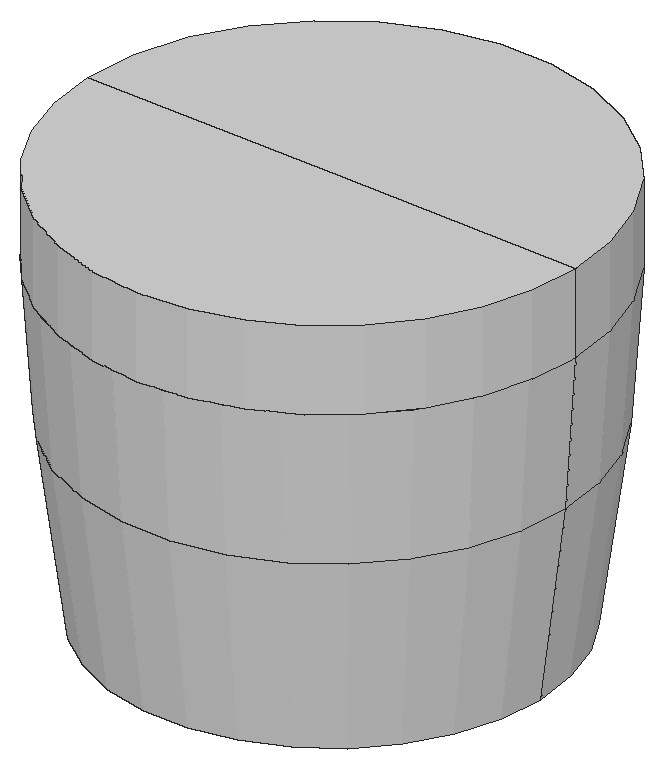
Revit family "EV-WATER STOP PLUG_9372786", category Modelos genéricos, Revit 2018
Family settings
  Puede alojar armadura = No
  Cota de conector redondo = Diámetro de uso
  Tipo de pieza = Normal
  Número OmniClass = 35.51.14.00
  Título OmniClass = FORMWORK
  Se basa en plano de trabajo = Sí
  Siempre vertical = No
  Corte con vacíos al cargar = No
  Compartido = Sí
  Punto de cálculo de habitación = No
Parameters
  VERSION = "20170217"  # constant formula
  URL = "www.ulmaconstruction.com/en"
  UNICLASS = ""
  Fabricante = "ULMA CONSTRUCTION"  # constant formula
  ITEM_CODE = "9372786"
  FILTER [instance] = ""
  Default Elevation = 0.000 mm
  CLASSIFICATION_TITLE = ""
  CLASSIFICATION_NUMBER = ""
Reference planes
  plane 1 "Centro (Frontal/Posterior)": y = 0
  plane 2: z = 0
  plane 3 "Centro (Izquierda/Derecha)": x = 0
Forms (mm)
  Revolve 1, solid, material "ULMA PLASTIC GRAY", detail levels medium+fine
    sketch origin (0, 0, 0) x (1, 0, 0) y (0, 0, 1)
      loop
        arc (-9, -4.5) -> (-8.414, -3.086) -> (-7, -2.5) r 2
        line (-7, -2.5) -> (0, -2.5) -> (0, 0) -> (-12.25, 0) -> (-12.25, -4) -> (-11.75, -11) -> (-10.5, -20) -> (-9, -20) -> (-9, -4.5)
      axis (0, 0) -> (0, -20)
    angle from 0 to 360
Dimensions and locks
  aligned and locked: level to plane 2
